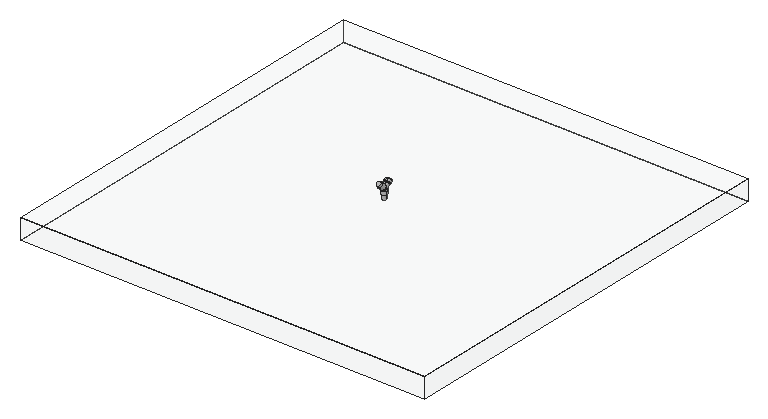
Revit family
Parameters (values of type "24C")
  Weight Lbs = 1
  Waste Connection = no
  Wall Flange Diameter = 0' - 0"
  Vent Connection = no
  URL = "http://www.woodfordmfg.com/woodford/Wall_Hydrant_Pages/model-24.html"
  Polished Brass (PB) (Optional) = ""
  Overall Faucet Length = 0' - 3"
  Overall Faucet Height = 0' - 4"
  Outlet = "3/4\" Male Hose Thread"
  Model = "24C"
  Max Temperature = "120º -F"
  Max Pressure = 125.00 psi
  Manufacturer = "Woodford Manufacturing Company"
  Inlets = "1/2\" Copper Tube & 1/2\" MPT Combination"
  HW Connection = yes
  GPM = "13.8 @ 100 psi"
  Double Check Backflow Preventor = "ASSE 1011"
  Default Elevation = 4' - 0"
  Clear Polycarbonate Handle Standard = ""
  Chrome (Standard) = ""
  Catalog Sheet = "http://www.woodfordmfg.com/woodford/Wall_Hyd_PDF/24CATALOG.pdf"
  CW Connection = yes
  Brass Head Casting & Internal Parts = ""
  Brass (BR) (Optional) = ""
  Assembly Code = ""
Types (2): name | Model
  24CP | "24CP"
  24C | "24C"
Reference planes (in)
  plane 1 "Center (Front/Back)": y = 0
  plane 2: z = 0
  plane 3 "Center (Left/Right)": x = 0
  plane 4 "Wall": z = 0
  plane 5 "Housing Base": z = 1
  plane 6 "Transition": z = 1.875
  plane 7 "Top Transition": z = 2.05782
  plane 8: z = 2.55782
  plane 9: through (0, -0.0819, 4.74431) normal (0, -0.7071, 0.7071)
  plane 10: through (0, -0.01408, 4.62912) normal (0, -0.7071, 0.7071)
  plane 11: through (0, 0.50356, 3.73254) normal (0, -0.7071, 0.7071)
  plane 12: through (0, 0.75915, 3.09801) normal (0, -0.7071, 0.7071)
  plane 13: through (0, 0.1136, 3.76764) normal (0, -0.7071, -0.7071)
  plane 14: through (0, 0.02521, 3.67925) normal (0, -0.7071, -0.7071)
  plane 15: through (0, -0.6819, 2.97214) normal (0, -0.7071, -0.7071)
  plane 16: z = 9
  plane 17: x = -2.68045
  plane 18: x = 2.68045
Forms (in)
  Extrusion 1, solid, material "Glass"
    sketch origin (0, 0, 0) x (1, 0, 0) y (0, 1, 0)
      loop
        line (-48, 48) -> (-48, -48) -> (48, -48) -> (48, 48) -> (-48, 48)
    from 0 to -4.92093
  Extrusion 2, solid, material "Chrome", detail levels fine
    sketch origin (0, 0, 0) x (-1, 0, 0) y (0, -1, 0)
      loop
        circle (0, 0) r 0.5
    from 0 to 1
  Extrusion 3, solid, material "Chrome", detail levels fine
    sketch origin (0, 0, 1) x (-1, 0, 0) y (0, -1, 0)
      loop
        circle (0, 0) r 0.625
    from 0 to 0.875
  Extrusion 4, solid, material "Chrome", detail levels fine
    sketch origin (0, 0, 1.875) x (-1, 0, 0) y (0, -1, 0)
      loop
        circle (0, 0) r 0.625
    from 0 to 0.18282
  Blend 5, solid, material "Chrome", detail levels fine
    base sketch origin (0, 0, 2.05782) x (-1, 0, 0) y (0, -1, 0)
      loop
        circle (0, 0) r 0.625
    top sketch origin (0, 0, 2.05782) x (-1, 0, 0) y (0, -1, 0)
      loop
        circle (0, 0) r 0.41023
    from 0 to 0.5
  Sweep 6, solid, material "Chrome", detail levels fine
    path origin (0, -0.26979, 1.20949) x (0, 0.965926, -0.258819) y (0, 0.258819, 0.965926)
      loop
        line (0.08507, 1.0536) -> (0.58507, 1.91963)
    profile origin (0, 0.43863, 2.55873) x (0, -0.707107, 0.707107) y (1, 0, 0)
      loop
        circle (0, 0) r 0.5
  Sweep 7, solid, material "Chrome", detail levels fine
    path origin (0, 0, 1.15157) x (0, -1, 0) y (0, 0, -1)
      loop
        line (0.10287, -1.08442) -> (0.54793, -1.52948)
    profile origin (0, -0.3254, 2.45853) x (0, -0.707107, -0.707107) y (1, 0, 0)
      loop
        circle (0, 0) r 0.5
  Sweep 8, solid, material "Chrome", detail levels fine
    path origin (0, 0, 1.15157) x (0, 1, 0) y (0, 0, 1)
      loop
        line (-0.54793, 1.52948) -> (-1.25503, 2.23659)
    profile origin (0, -0.90148, 3.03461) x (0, -0.707107, -0.707107) y (1, 0, 0)
      loop
        circle (0, 0) r 0.625
  Sweep 9, solid, material "Chrome", detail levels fine
    path origin (0, 0, 1.15157) x (0, 1, 0) y (0, 0, 1)
      loop
        line (-1.25503, 2.23659) -> (-1.34654, 2.3281)
    profile origin (0, -1.30079, 3.43392) x (0, -0.707107, -0.707107) y (1, 0, 0)
      loop
        circle (-0.02304, 0) r 0.375
  Sweep 10, solid, material "Chrome", detail levels fine
    path origin (0, -0.26979, 1.20949) x (0, 0.965926, -0.258819) y (0, 0.258819, 0.965926)
      loop
        line (0.58507, 1.91963) -> (0.64757, 2.02788)
    profile origin (0, 0.83637, 2.95647) x (0, -0.707107, 0.707107) y (1, 0, 0)
      loop
        circle (0, 0) r 0.25
  Sweep 11, solid, material "Chrome", detail levels fine
    path origin (0, 0.46915, 1.04845) x (0, 1, 0) y (0, 0, 1)
      loop
        line (-1.81569, 2.43122) -> (-1.99247, 2.608)
    profile origin (0, -1.43493, 3.56806) x (0, -0.707107, -0.707107) y (1, 0, 0)
      loop
        circle (0, 0) r 0.5
  Revolve 12, solid, material "Chrome"
    sketch origin (0, 0, 0) x (0, 1, 0) y (0, 0, 1)
      loop
        line (1.4109, 3.531) -> (1.05439, 3.8875) -> (0.88124, 3.8875) -> (0.43995, 3.54273) -> (0.40096, 3.58172) -> (0.35024, 3.531) -> (0.88057, 3.00067) -> (1.4109, 3.531)
      axis (1.4109, 3.531) -> (0.88057, 3.00067)
    angle from 0 to 360
Lines and regions (in)
  reference lines
    curve 1: line (0, 0.08507, 2.20517) -> (0, 2.28664, 4.40674)
    curve 2: line (0, -0.10287, 2.236) -> (0, -3.25006, 5.38319)
  model lines, detail levels coarse+medium
    curve 3: line (0, 0, 0) -> (0, 0, 9)
    curve 4: line (-2.68045, 0, 8.15157) -> (0, 0, 8.15157)
    curve 5: line (2.68045, 0, 8.15157) -> (0, 0, 8.15157)
Dimensions and locks (in)
  plane 4 "Wall" to Extrusion 1 = 0' - 0"
  equal spacing: plane 17, plane 3 "Center (Left/Right)", plane 18
  plane 17 to plane 18 = 0' - 5.36091"
  plane 16 to level = 0' - 9"
  curve 4 to level = 0' - 8.15157"
  curve 5 to level = 0' - 8.15157"
  locked: plane 9 to plane 10 at 0.12941
  locked: plane 10 to plane 11 at 1
  plane 11 to plane 12 = 0' - 0.62941"
  plane 14 to plane 13 = 0' - 0 1/8"
  plane 15 to plane 14 = 0' - 1"
  plane 6 "Transition" to plane 5 "Housing Base" = 0' - 0 7/8"
  plane 5 "Housing Base" to Extrusion 1 = 0' - 1"
  radius of Extrusion 4 sketch curve = 0' - 0 5/8"
  angle curve 2 to curve 3 = 45.00°
  angle curve 3 to curve 1 = 45.00°
  aligned and locked: plane 2 to Extrusion 1
  aligned and locked: level to Extrusion 1
  aligned and locked: plane 5 "Housing Base" to Extrusion 2
  aligned and locked: plane 6 "Transition" to Extrusion 3
  aligned and locked: plane 7 "Top Transition" to Extrusion 4
  aligned and locked: plane 8 to Blend 5
  aligned and locked: plane 9 to Sweep 9 sketch curve
  aligned and locked: plane 10 to Sweep 9 sketch curve
  aligned and locked: curve 2 to Sweep 9 sketch curve
  aligned and locked: plane 10 to Sweep 8 sketch curve
  aligned and locked: plane 11 to Sweep 8 sketch curve
  aligned and locked: curve 2 to Sweep 8 sketch curve
  aligned and locked: plane 11 to Sweep 7 sketch curve
  aligned and locked: plane 12 to Sweep 7 sketch curve
  aligned and locked: Sweep 7 sketch curve to curve 2
  aligned: curve 2 to Sweep 11 sketch curve
  aligned and locked: plane 13 to Sweep 10 sketch curve
  aligned and locked: plane 14 to Sweep 10 sketch curve
  aligned and locked: curve 1 to Sweep 10 sketch curve
  aligned and locked: plane 14 to Sweep 6 sketch curve
  aligned and locked: plane 15 to Sweep 6 sketch curve
  aligned and locked: Sweep 6 sketch curve to curve 1
  aligned and locked: curve 2 to Sweep 11 sketch curve
Automatic sketch dimensions
  plane 17 to curve 4 = 0' - 0"
  curve 3 to plane 3 "Center (Left/Right)" = 0' - 0"
  plane 18 to curve 5 = 0' - 0"
  curve 3 to level = 0' - 0"
  curve 3 to plane 16 = 0' - 0"
  Extrusion 1 sketch curve to Extrusion 1 sketch curve = 8' - 0"  (x2)
  plane 1 "Center (Front/Back)" to Extrusion 2 sketch curve = 0' - 0"
  Extrusion 2 sketch curve to plane 3 "Center (Left/Right)" = 0' - 0"
  plane 1 "Center (Front/Back)" to Extrusion 3 sketch curve = 0' - 0"
  Extrusion 3 sketch curve to plane 3 "Center (Left/Right)" = 0' - 0"
  plane 1 "Center (Front/Back)" to Extrusion 4 sketch curve = 0' - 0"
  Extrusion 4 sketch curve to plane 3 "Center (Left/Right)" = 0' - 0"
  plane 1 "Center (Front/Back)" to Blend 5 sketch curve = 0' - 0"  (x2)
  Blend 5 sketch curve to plane 3 "Center (Left/Right)" = 0' - 0"  (x2)
  Sweep 6 sketch curve to profile plane = 0' - 0"  (x2)
  Sweep 7 sketch curve to profile plane = 0' - 0"  (x2)
  Sweep 8 sketch curve to plane 11 = 0' - 0"
  Sweep 8 sketch curve to profile plane = 0' - 0"  (x2)
  Sweep 9 sketch curve to profile plane = 0' - 0"
  profile plane to Sweep 9 sketch curve = 0' - 0.02304"
  Sweep 10 sketch curve to profile plane = 0' - 0"  (x2)
  Sweep 11 sketch curve to Sweep 11 sketch curve = 0' - 0.17678"
  plane 8 to Sweep 11 sketch curve = 0' - 0.92185"
  Sweep 11 sketch curve to profile plane = 0' - 0"  (x2)
  curve 2 to plane 12 = 0' - 0"
  plane 15 to curve 1 = 0' - 0"
  plane 1 "Center (Front/Back)" to curve 2 = 0' - 3.25006"
  plane 1 "Center (Front/Back)" to curve 2 = 0' - 0.10287"
  curve 1 to plane 1 "Center (Front/Back)" = 0' - 0.08507"
  curve 1 to plane 1 "Center (Front/Back)" = 0' - 2.28664"
  plane 8 to curve 1 = 0' - 1.84891"
  plane 8 to curve 2 = 0' - 2.82536"
  plane 13 to Revolve 12 sketch curve = 0' - 0"  (x2)
  Revolve 12 sketch curve to plane 13 = 0' - 0"
  Revolve 12 sketch curve to plane 1 "Center (Front/Back)" = 0' - 0.35024"
  Revolve 12 sketch curve to Revolve 12 sketch curve = 0' - 0.05072"
  Revolve 12 sketch curve to Revolve 12 sketch curve = 0' - 0.03899"
  plane 8 to Revolve 12 sketch curve = 0' - 0.44285"  (x2)
  Revolve 12 sketch curve to Revolve 12 sketch curve = 0' - 0.52966"
  Revolve 12 sketch curve to Revolve 12 sketch curve = 0' - 0.17315"
  plane 8 to Revolve 12 sketch curve = 0' - 0.97318"
  Revolve 12 sketch curve to Revolve 12 sketch curve = 0' - 0.44129"
  Revolve 12 sketch curve to Revolve 12 sketch curve = 0' - 0"
  radius of Extrusion 2 sketch curve = 0' - 0 1/2"
  radius of Extrusion 3 sketch curve = 0' - 0 5/8"
  radius of Blend 5 sketch curve = 0' - 0 5/8"
  radius of Blend 5 sketch curve = 0' - 0.41023"
  radius of Sweep 6 sketch curve = 0' - 0 1/2"
  radius of Sweep 7 sketch curve = 0' - 0 1/2"
  radius of Sweep 8 sketch curve = 0' - 0 5/8"
  radius of Sweep 9 sketch curve = 0' - 0 3/8"
  radius of Sweep 10 sketch curve = 0' - 0 1/4"
  radius of Sweep 11 sketch curve = 0' - 0 1/2"
Connectors (in)
  piping at (0, 0, 0)
    settings: on Extrusion 2, index 1, connector radius 3/8", flow factor 0, pipe flow 14 GPM, pressure drop 100.00 psi, fitting loss kfactor 0, connector angle 0.00°, fixture units 0, flow configuration 1, flow direction 1, fitting loss method 4, system type 20, connector reference index -1, connector utility 0, adjustable connector no, is connector primary yes, fitting loss table "", connector description ""
